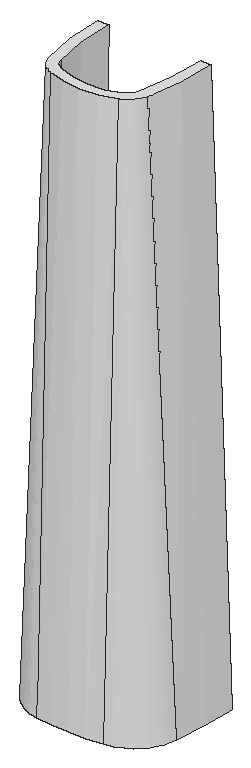
Revit family "Sink-Pedestal-KOHLER-Brive-K-8705IN", category Specialty Equipment, host Face, Revit 2017
Family settings
  Host = Face
  Round Connector Dimension = Use Diameter
  Part Type = Normal
  OmniClass Number = 23.31.25.00
  Cut with Voids When Loaded = No
  Shared = No
  Room Calculation Point = No
Parameters (values of type "0-White")
  Width = 7 1/2"  # constant formula
  WaterSense Certified = 1 = 0  # no
  URL = "https://www.kohler.co.in/"
  Type = 1
  Product Page URL = ""
  Product Name = "Brive"  # constant formula
  Product Documentation Link = ""
  Model = if(Type = 1, "K-8705IN-0", if(Type = 2, "K-8705IN-96", "NA"))  # "K-8705IN-0"
  Material = "Vitreous China"  # constant formula
  Master Format 2014 Name = "Toilet, Bath, and Laundry Accessories"  # constant formula
  Master Format 2014 = "10 28 00"  # constant formula
  Manufacturer Address = "Ambience Office Tower NH-8 Gurgaon / Gurugram Haryana , 122001"  # constant formula
  Manufacturer = "KOHLER Co."  # constant formula
  Length = 5 1/4"  # constant formula
  Height = 27 3/4"  # constant formula
  Finish = Kohler-Vitreous_China-0-White
  Environmental Product Declaration = ""
  Description = "Plus Pedestal"  # constant formula
  Default Elevation = 0"
  Declare Label = ""
  Date Modified = "08/28/2020"  # constant formula
  Date Created = "08/28/2020"  # constant formula
  Copyright = "Copyright KOHLER Co."  # constant formula
  Contact Us = "https://www.kohler.co.in/contact-us"
  Assembly Code = "C1030200"
  ADA Compliant = 1 = 0  # no
Types (3): name | Type | Model | Finish
  (no name) | 1 | "K-8705IN-0" | Kohler-Vitreous_China-0-White
  0-White | 1 | "K-8705IN-0" | Kohler-Vitreous_China-0-White
  96-Biscuit | 2 | "K-8705IN-96" | Kohler-Vitreous_China-96-Biscuit
Reference planes (in)
  plane 1 "Center (Front/Back)": y = 0
  plane 2: z = 0
  plane 3 "Center (Left/Right)": x = 0
  plane 4: x = -3.75
  plane 5: y = -5.25
  plane 6: x = -2.75
  plane 7: y = -2.625
  plane 8: x = 3.75
  plane 9: x = 2.75
  plane 10: y = -4.625
  plane 11: z = 27.75
Dimensions and locks (in)
  "Height": level to plane 11
  "Width": plane 4 to plane 8
  "Length": plane 5 to plane 1 "Center (Front/Back)"
  locked: plane 6 to plane 9 at 5.5
  locked: plane 10 to plane 1 "Center (Front/Back)" at 4.625
  aligned and locked: plane 2 to host face
  aligned and locked: level to host face
  aligned and locked: plane 1 "Center (Front/Back)" to nested 1
  aligned and locked: plane 3 "Center (Left/Right)" to nested 1
Automatic sketch dimensions
  host sketch curve to host sketch curve = 96"  (x2)
Nested families (in)
  nested 1: "K-8705IN" at (0, 0, 0), type "K-8705IN"
Definition of nested family "K-8705IN"
  Parameters (values of type "K-8705IN")
    Material = none
  Reference planes (in)
    plane 1 "Center (Front/Back)": y = 0
    plane 2: z = 0
    plane 3 "Center (Left/Right)": x = 0
    plane 4: x = -3.75
    plane 5: x = 3.75
    plane 6: y = -5.25
    plane 7: y = -2.625
    plane 8: x = -2.75
    plane 9: x = 2.75
    plane 10: y = -4.625
    plane 11: z = 27.75
  Forms (in)
    Blend 1, solid, material <- "Material", detail levels medium+fine
      base sketch origin (0, 0, 0) x (1, 0, 0) y (0, 1, 0)
        loop
          arc (-2.75, 0) -> (-2.69307, -1.72632) -> (-2.39522, -3.42771) r 12.31708
          arc (-2.39522, -3.42771) -> (-2.13829, -3.93145) -> (-1.68567, -4.27042) r 1.25
          arc (-1.68567, -4.27042) -> (0, -4.625) -> (1.68567, -4.27042) r 4.18416
          arc (1.68567, -4.27042) -> (2.13829, -3.93145) -> (2.39522, -3.42771) r 1.25
          arc (2.39522, -3.42771) -> (2.69211, -1.73558) -> (2.75068, -0.0186) r 12.31708
          line (2.75068, -0.0186) -> (2.25035, -0.0186)
          arc (2.25035, -0.0186) -> (2.19573, -1.67485) -> (1.90996, -3.30717) r 11.81708
          arc (1.90996, -3.30717) -> (1.75581, -3.60941) -> (1.48424, -3.81279) r 0.75
          arc (1.48424, -3.81279) -> (0, -4.125) -> (-1.48424, -3.81279) r 3.68416
          arc (-1.48424, -3.81279) -> (-1.75581, -3.60941) -> (-1.90996, -3.30717) r 0.75
          arc (-1.90996, -3.30717) -> (-2.19669, -1.66559) -> (-2.24964, 0) r 11.81708
          line (-2.24964, 0) -> (-2.75, 0)
      top sketch origin (0, 0, 0) x (1, 0, 0) y (0, 1, 0)
        loop
          arc (-3.75, 0) -> (-3.72889, -1.56868) -> (-3.5969, -3.13195) r 22.16818
          arc (-3.5969, -3.13195) -> (-2.95719, -4.46599) -> (-1.63723, -5.13426) r 2.29963
          arc (-1.63723, -5.13426) -> (0, -5.25) -> (1.63723, -5.13426) r 11.63744
          arc (1.63723, -5.13426) -> (2.95719, -4.46599) -> (3.5969, -3.13195) r 2.29963
          arc (3.5969, -3.13195) -> (3.72843, -1.5781) -> (3.75041, -0.01885) r 22.16818
          line (3.75041, -0.01885) -> (2.89083, -0.01885)
          arc (2.89083, -0.01885) -> (2.87041, -1.5295) -> (2.743, -3.0349) r 21.30881
          arc (2.743, -3.0349) -> (2.51167, -3.6561) -> (2.02266, -4.10363) r 1.41406
          arc (2.02266, -4.10363) -> (-0.00034, -4.625) -> (-2.02324, -4.10331) r 4.18416
          arc (-2.02324, -4.10331) -> (-2.51181, -3.65608) -> (-2.74294, -3.03537) r 1.4132
          arc (-2.74294, -3.03537) -> (-2.87086, -1.52032) -> (-2.89041, 0) r 21.30881
          line (-2.89041, 0) -> (-3.75, 0)
      from 27.75 to 0
    Extrusion 2, solid, material <- "Material", detail levels medium+fine
      sketch origin (0, 0, 0) x (1, 0, 0) y (0, 0, 1)
        loop
          arc (2.12657, 15.56067) -> (2.07262, 14.04725) -> (1.91102, 12.54152) r 21.25171
          arc (1.91102, 12.54152) -> (1.58346, 11.86188) -> (0.92448, 11.49452) r 1.25
          arc (0.92448, 11.49452) -> (-0.00489, 11.40195) -> (-0.9336, 11.50093) r 4.554
          arc (-0.9336, 11.50093) -> (-1.58718, 11.86978) -> (-1.91173, 12.54646) r 1.25
          arc (-1.91173, 12.54646) -> (-2.0728, 14.04974) -> (-2.12657, 15.56067) r 21.25171
          line (-2.12657, 15.56067) -> (-2.12657, 16.74036)
          arc (-2.12657, 16.74036) -> (-2.14717, 16.79008) -> (-2.19689, 16.81067) r 0.07031
          line (-2.19689, 16.81067) -> (-2.50224, 16.81067) -> (-2.79867, 3.973)
          arc (-2.79867, 3.973) -> (-2.05724, 4.4708) -> (-1.1815, 4.64567) r 2.28027
          line (-1.1815, 4.64567) -> (1.1815, 4.64567)
          arc (1.1815, 4.64567) -> (2.05755, 4.47067) -> (2.79914, 3.97252) r 2.28027
          line (2.79914, 3.97252) -> (2.50283, 16.81067) -> (2.19562, 16.81067)
          arc (2.19562, 16.81067) -> (2.1468, 16.79045) -> (2.12657, 16.74163) r 0.06904
          line (2.12657, 16.74163) -> (2.12657, 15.56067)
      from 0.01791 to 3.71258
    Extrusion 3, solid, material <- "Material", detail levels medium+fine
      sketch origin (0, 0, 0) x (1, 0, 0) y (0, 0, 1)
        loop
          arc (1.91102, 12.54152) -> (1.58346, 11.86188) -> (0.92448, 11.49452) r 1.25
          arc (0.92448, 11.49452) -> (-0.00489, 11.40195) -> (-0.9336, 11.50093) r 4.554
          arc (-0.9336, 11.50093) -> (-1.58718, 11.86978) -> (-1.91173, 12.54646) r 1.25
          line (-1.91173, 12.54646) -> (-1.91173, 10.94784) -> (1.91102, 10.94784) -> (1.91102, 12.54152)
      from 3.71258 to 4.1349
    Extrusion 4, solid, material <- "Material", detail levels coarse
      sketch origin (0, 0, 0) x (1, 0, 0) y (0, 1, 0)
        loop
          arc (-1.68444, -5.12745) -> (-0.84444, -5.21932) -> (0, -5.25) r 11.63744
          arc (0, -5.25) -> (0.84444, -5.21932) -> (1.68444, -5.12745) r 11.63744
          arc (1.68444, -5.12745) -> (2.98276, -4.45843) -> (3.59677, -3.1332) r 2.25
          arc (3.59677, -3.1332) -> (3.71605, -1.56869) -> (3.75, 0) r 28.81834
          line (3.75, 0) -> (-3.75, 0)
          arc (-3.75, 0) -> (-3.71605, -1.56869) -> (-3.59677, -3.1332) r 28.81834
          arc (-3.59677, -3.1332) -> (-2.98276, -4.45843) -> (-1.68444, -5.12745) r 2.25
      from 0 to 27.75
    Extrusion 5, void
      sketch origin (0, 0, 0) x (1, 0, 0) y (0, 1, 0)
        loop
          line (2.24964, 0) -> (-2.24964, 0)
          arc (-2.24964, 0) -> (-2.19669, -1.66559) -> (-1.90996, -3.30717) r 11.81708
          arc (-1.90996, -3.30717) -> (-1.75581, -3.60941) -> (-1.48424, -3.81279) r 0.75
          arc (-1.48424, -3.81279) -> (0, -4.125) -> (1.48424, -3.81279) r 3.68416
          arc (1.48424, -3.81279) -> (1.75581, -3.60941) -> (1.90996, -3.30717) r 0.75
          arc (1.90996, -3.30717) -> (2.19669, -1.66559) -> (2.24964, 0) r 11.81708
      from 30.74845 to 16.81067
  Cuts and joins
    joined: Extrusion 2, Extrusion 3
    Extrusion 5 cuts Extrusion 4
  Lines and regions (in)
    Masking region 1
      outline origin (0, 0, 0) x (0, 1, 0) y (0, 0, 1)
        loop
          line (0, 27.75) -> (-4.52825, 27.75)
          arc (-4.52825, 27.75) -> (-4.59743, 27.7218) -> (-4.62718, 27.65327) r 0.09896
          line (-4.62718, 27.65327) -> (-5.25, 0) -> (0, 0) -> (0, 27.75)
    Masking region 2
      outline origin (0, 0, 0) x (1, 0, 0) y (0, 0, 1)
        loop
          arc (-2.72323, 27.75) -> (-2.7425, 27.74222) -> (-2.75096, 27.72324) r 0.02775
          line (-2.75096, 27.72324) -> (-3.75, 0) -> (3.75, 0) -> (2.75096, 27.72324)
          arc (2.75096, 27.72324) -> (2.7425, 27.74222) -> (2.72323, 27.75) r 0.02775
          line (2.72323, 27.75) -> (-2.72323, 27.75)
    Masking region 3
      outline origin (0, 0, 0) x (1, 0, 0) y (0, 1, 0)
        loop
          arc (-1.63723, -5.13426) -> (-0.82066, -5.22103) -> (0, -5.25) r 11.63744
          arc (0, -5.25) -> (0.82066, -5.22103) -> (1.63723, -5.13426) r 11.63744
          arc (1.63723, -5.13426) -> (2.95719, -4.46599) -> (3.5969, -3.13195) r 2.29963
          arc (3.5969, -3.13195) -> (3.71608, -1.56806) -> (3.75, 0) r 28.81834
          line (3.75, 0) -> (-3.75, 0)
          arc (-3.75, 0) -> (-3.71608, -1.56806) -> (-3.5969, -3.13195) r 28.81834
          arc (-3.5969, -3.13195) -> (-2.95719, -4.46599) -> (-1.63723, -5.13426) r 2.29963
    symbolic lines, detail levels medium+fine
      curve 1: arc (-2.75, 0, 0) -> (-2.69307, -1.72632, 0) -> (-2.39522, -3.42771, 0) r 12.31708
      curve 2: arc (-1.90996, -3.30717, 0) -> (-2.19669, -1.66559, 0) -> (-2.24964, 0, 0) r 11.81708
      curve 3: arc (-2.39522, -3.42771, 0) -> (-2.13829, -3.93145, 0) -> (-1.68567, -4.27042, 0) r 1.25
      curve 4: arc (-1.48424, -3.81279, 0) -> (-1.75581, -3.60941, 0) -> (-1.90996, -3.30717, 0) r 0.75
      curve 5: arc (1.48424, -3.81279, 0) -> (0, -4.125, 0) -> (-1.48424, -3.81279, 0) r 3.68416
      curve 6: arc (1.90996, -3.30717, 0) -> (1.75581, -3.60941, 0) -> (1.48424, -3.81279, 0) r 0.75
      curve 7: arc (2.25035, -0.0186, 0) -> (2.19573, -1.67485, 0) -> (1.90996, -3.30717, 0) r 11.81708
      curve 8: arc (2.39522, -3.42771, 0) -> (2.69211, -1.73558, 0) -> (2.75068, -0.0186, 0) r 12.31708
      curve 9: arc (-1.68567, -4.27042, 0) -> (0, -4.625, 0) -> (1.68567, -4.27042, 0) r 4.18416
      curve 10: arc (1.68567, -4.27042, 0) -> (2.13829, -3.93145, 0) -> (2.39522, -3.42771, 0) r 1.25
      curve 11: line (-2.12657, -0.01791, 0) -> (-2.12657, -2.21923, 0)
      curve 12: line (2.12657, -0.01791, 0) -> (2.12657, -2.21923, 0)
  Dimensions and locks (in)
    locked: plane 4 to plane 5 at 7.5
    plane 6 to plane 1 "Center (Front/Back)" = 5 1/4"
    plane 7 to plane 6 = 2 5/8"
    plane 8 to plane 9 = 5 1/2"
    plane 10 to plane 1 "Center (Front/Back)" = 4 5/8"
    plane 11 to level = 27 3/4"
    aligned and locked: plane 2 to level
